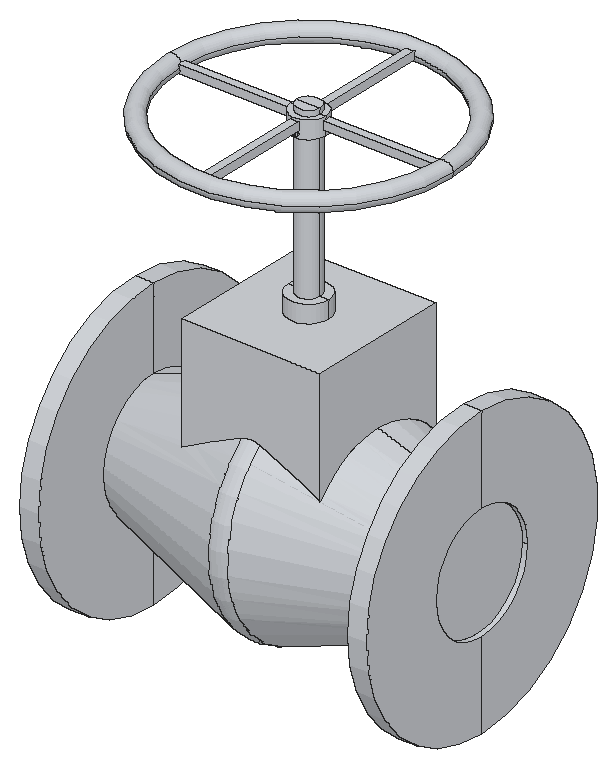
Revit family "Pipe_Accessories-Bellows_Stop_Valve-Spirax_Sarco-BSAT", category Pipe Accessories, Revit 2013
Parameters (values of type "BSA1T-KS 10-DN200")
  _distributed by = "www.bimstore.co.uk"
  _current revision = 1  # constant formula
  _created by = "Spirax Sarco"  # constant formula
  _bimspec_guid = 0
  Weight = "145"
  WarrantyStartDate [instance] = ""
  WarrantyGuarantorParts = ""
  WarrantyGuarantorLabour = ""
  WarrantyDurationUnit = ""
  WarrantyDurationParts = 0
  WarrantyDurationLabour = 0
  WarrantyDescription = ""
  Uniclass2 = "90-20-80/330"  # constant formula
  URL = "http://www.spiraxsarco.com/uk/"
  TypeName = Type Comments  # "BSA1T-KS 10-DN200"
  Type Comments = "BSA1T-KS 10-DN200"
  StemRadius = StemDia / 2  # 20.00 mm
  StemDia = 40.00 mm
  SteerRingRadius = SteerRingDia / 2  # 15.00 mm
  SteerRingDia = 30.00 mm
  SteerRingPosition = (C / 2) - (SteerRingDia / 2)  # 235.00 mm
  SpareParts = ""
  Size = Type Comments  # "BSA1T-KS 10-DN200"
  Shape = ""
  SerialNumber [instance] = ""
  RibWidth = 14.00 mm
  RibThickness = 14.00 mm
  ReplacementCost = 0
  ReferencedStandard = ""
  ProductionYear = ""
  Product Link = "http://www.spiraxsarco.com/uk/products-services/products/isolation-valves/bellows-sealed-stop-valves.asp?material=4&#ti"
  Product Documentation Link = "http://www.spiraxsarco.com/pdfs/TI/p137_18.pdf"
  ModelNumber = Model  # "BSA64T Stainless Steel Bellows Sealed Stop Valve"
  Material = "Stainless Steel"
  MatchingPipeRadius = MatchingPipeDiameter / 2  # 100.00 mm
  MatchingPipeDiameter = 200.00 mm
  Model = "BSA64T Stainless Steel Bellows Sealed Stop Valve"
  Manufacturer = "Spirax Sarco Ltd"  # constant formula
  LockingScrewVisibility [instance] = yes
  LockingScrewRadius = LockingScrewDia / 2  # 3.00 mm
  LockingScrewPosition = 32.00 mm
  LockingScrewDia = 6.00 mm
  InstallationDate [instance] = ""
  Grade = ""
  FlangeThickness = 32.00 mm
  FlangeDiameter = 500.00 mm
  Finish = ""
  Features = ""
  ExpectedLife = 0
  DurationUnit = "Years"  # constant formula
  DocumentationTechnical = "http://www.spiraxsarco.com/pdfs/TI/p137_18.pdf"
  DocumentationLiterature = ""
  DocumentationInstallationGuide = "http://www.spiraxsarco.com/pdfs/IM/p184_03.pdf"
  DocumentationCertificates = ""
  Description = "Bellows sealed, in-line stop valves having flanged PN16, PN25 and PN40 connections for use on steam, gas, liquid, condensate and water systems."  # constant formula
  CreatedOn = "Sept 2014"  # constant formula
  CreatedBy = "UKEnquiries@SpiraxSarco.com"  # constant formula
  Consitituents = ""
  Color = ""
  CodePerformance = ""
  ClassificationValue = "L7136"  # constant formula
  ClassificationName = "Uniclass1.4"  # constant formula
  CenterBallProfile_4 = 19.00°
  CenterBallProfile_3 = 50.00 mm  # constant formula
  CenterBallProfile_2 = 0.32 * FlangeDiameter  # 160.00 mm
  CenterBallProfile_1 = 0.22 * FlangeDiameter  # 110.00 mm
  C = 500.00 mm
  BonnetWidth = A / 2.5  # 240.00 mm
  BonnetHeight = FlangeDiameter * 0.6  # 300.00 mm
  BonnetDepth = FlangeDiameter / 2  # 250.00 mm
  BarCode = ""
  B = 622.00 mm
  AssetType = "Fixed"  # constant formula
  AssetIdentifier = ""
  Assembly Code = ""
  AccessibilityPerformance = ""
  A = 600.00 mm
Types (12, lengths in mm): name | Weight | TypeName | Type Comments | StemRadius | StemDia | SteerRingRadius | SteerRingDia | SteerRingPosition | Size | RibWidth | RibThickness | MatchingPipeRadius | MatchingPipeDiameter | LockingScrewRadius | LockingScrewDia | FlangeThickness | FlangeDiameter | CenterBallProfile_2 | CenterBallProfile_1 | C | BonnetWidth | BonnetHeight | BonnetDepth | B | A
  BSA1T-KS 10-DN200 | "145" | "BSA1T-KS 10-DN200" | "BSA1T-KS 10-DN200" | 20.00 | 40.00 | 15.00 | 30.00 | 235.00 | "BSA1T-KS 10-DN200" | 14.00 | 14.00 | 100.00 | 200.00 | 3.00 | 6.00 | 32.00 | 500.00 | 160.00 | 110.00 | 500.00 | 240.00 | 300.00 | 250.00 | 622.00 | 600.00
  BSA1T-KS 10-DN150 | "75" | "BSA1T-KS 10-DN150" | "BSA1T-KS 10-DN150" | 20.00 | 40.00 | 15.00 | 30.00 | 142.50 | "BSA1T-KS 10-DN150" | 14.00 | 14.00 | 75.00 | 150.00 | 3.00 | 6.00 | 31.00 | 315.00 | 100.80 | 69.30 | 315.00 | 192.00 | 189.00 | 157.50 | 450.00 | 480.00
  BSA1T-KS 10-DN125 | "52" | "BSA1T-KS 10-DN125" | "BSA1T-KS 10-DN125" | 20.00 | 40.00 | 15.00 | 30.00 | 142.50 | "BSA1T-KS 10-DN125" | 14.00 | 14.00 | 62.50 | 125.00 | 3.00 | 6.00 | 30.00 | 315.00 | 100.80 | 69.30 | 315.00 | 160.00 | 189.00 | 157.50 | 416.00 | 400.00
  BSA1T-KS 10-DN100 | "36" | "BSA1T-KS 10-DN100" | "BSA1T-KS 10-DN100" | 20.00 | 40.00 | 15.00 | 30.00 | 142.50 | "BSA1T-KS 10-DN100" | 14.00 | 14.00 | 50.00 | 100.00 | 3.00 | 6.00 | 29.00 | 315.00 | 100.80 | 69.30 | 315.00 | 140.00 | 189.00 | 157.50 | 383.00 | 350.00
  BSA1T-KS 10-DN80 | "21" | "BSA1T-KS 10-DN80" | "BSA1T-KS 10-DN80" | 20.00 | 40.00 | 12.50 | 25.00 | 87.50 | "BSA1T-KS 10-DN80" | 14.00 | 14.00 | 40.00 | 80.00 | 3.00 | 6.00 | 28.00 | 200.00 | 64.00 | 44.00 | 200.00 | 124.00 | 120.00 | 100.00 | 287.00 | 310.00
  BSA1T-KS 10-DN65 | "16" | "BSA1T-KS 10-DN65" | "BSA1T-KS 10-DN65" | 15.00 | 30.00 | 12.50 | 25.00 | 87.50 | "BSA1T-KS 10-DN65" | 10.00 | 10.00 | 32.50 | 65.00 | 3.00 | 6.00 | 27.00 | 200.00 | 64.00 | 44.00 | 200.00 | 116.00 | 120.00 | 100.00 | 263.00 | 290.00
  BSA1T-KS 10-DN50 | "12" | "BSA1T-KS 10-DN50" | "BSA1T-KS 10-DN50" | 15.00 | 30.00 | 12.50 | 25.00 | 87.50 | "BSA1T-KS 10-DN50" | 10.00 | 10.00 | 25.00 | 50.00 | 3.00 | 6.00 | 26.00 | 200.00 | 64.00 | 44.00 | 200.00 | 92.00 | 120.00 | 100.00 | 243.00 | 230.00
  BSA1T-KS 10-DN40 | "10" | "BSA1T-KS 10-DN40" | "BSA1T-KS 10-DN40" | 15.00 | 30.00 | 12.50 | 25.00 | 87.50 | "BSA1T-KS 10-DN40" | 10.00 | 10.00 | 20.00 | 40.00 | 2.50 | 5.00 | 25.00 | 200.00 | 64.00 | 44.00 | 200.00 | 80.00 | 120.00 | 100.00 | 243.00 | 200.00
  BSA1T-KS 10-DN32 | "7" | "BSA1T-KS 10-DN32" | "BSA1T-KS 10-DN32" | 15.00 | 30.00 | 12.50 | 25.00 | 50.00 | "BSA1T-KS 10-DN32" | 10.00 | 10.00 | 16.00 | 32.00 | 2.50 | 5.00 | 24.00 | 125.00 | 40.00 | 27.50 | 125.00 | 72.00 | 75.00 | 62.50 | 217.00 | 180.00
  BSA1T-KS 10-DN25 | "5" | "BSA1T-KS 10-DN25" | "BSA1T-KS 10-DN25" | 10.00 | 20.00 | 9.00 | 18.00 | 53.50 | "BSA1T-KS 10-DN25" | 8.00 | 6.00 | 12.50 | 25.00 | 2.50 | 5.00 | 22.00 | 125.00 | 40.00 | 27.50 | 125.00 | 64.00 | 75.00 | 62.50 | 217.00 | 160.00
  BSA1T-KS 10-DN20 | "4" | "BSA1T-KS 10-DN20" | "BSA1T-KS 10-DN20" | 10.00 | 20.00 | 9.00 | 18.00 | 53.50 | "BSA1T-KS 10-DN20" | 8.00 | 6.00 | 10.00 | 20.00 | 2.50 | 5.00 | 20.00 | 125.00 | 40.00 | 27.50 | 125.00 | 60.00 | 75.00 | 62.50 | 205.00 | 150.00
  BSA1T-KS 10-DN15 | "4" | "BSA1T-KS 10-DN15" | "BSA1T-KS 10-DN15" | 10.00 | 20.00 | 9.00 | 18.00 | 53.50 | "BSA1T-KS 10-DN15" | 8.00 | 6.00 | 7.50 | 15.00 | 2.50 | 5.00 | 19.50 | 125.00 | 40.00 | 27.50 | 125.00 | 52.00 | 75.00 | 62.50 | 205.00 | 130.00
Reference planes
  plane 1 "Center (Front/Back)": y = 0
  plane 2: z = 0
  plane 3 "Center (Left/Right)": x = 0
  plane 4 "ValveLengthLeft": x = -300
  plane 5 "ValveLengthRight": x = 300
  plane 6 "FlangeWidthTop": z = 250
  plane 7 "FlangeWidthBottom": z = -250
  plane 8 "FlangeThicknessRight": x = 268
  plane 9 "FlangeThicknessLeft": x = -268
  plane 10 "ReferenceCentralAxis": z = 0
  plane 11: z = 622
  plane 12 "BonnetLeft": x = -120
  plane 13 "BonnetTop": y = 125
  plane 14 "BonnetRight": x = 120
  plane 15 "BonneBottom": y = -125
  plane 16: z = 300
  plane 17 "StemDia": x = 20
  plane 18 "HandWheelVerOrigin": x = 235
  plane 19 "HandWheelHorOrigin": z = 602
  plane 20 "RibWidth_1": y = 7
  plane 21 "RibWidth_2": y = -7
  plane 22: x = -235
  plane 23: z = 590
  plane 24: y = -30
  plane 25 "HandWheelVerOrigin_1": y = -235
  plane 26 "HandWheelVerOrigin_2": y = 235
  plane 27: x = -7
  plane 28: x = 7
  plane 29: x = 290
  plane 30: x = -290
Forms (mm)
  Revolve 1, solid, detail levels fine
    sketch origin (0, 0, 0) x (1, 0, 0) y (0, 0, 1)
      loop
        line (-300, 250) -> (-300, 0) -> (300, 0) -> (300, 250) -> (268, 250) -> (268, 110) -> (16.278, 196.675)
        arc (16.278, 196.675) -> (0, 199.399) -> (-16.278, 196.675) r 50
        line (-16.278, 196.675) -> (-268, 110) -> (-268, 250) -> (-300, 250)
      axis (-300, 0) -> (300, 0)
    angle from 0 to 360
  Extrusion 2, solid, detail levels fine
    sketch origin (0, 0, 0) x (1, 0, 0) y (0, 1, 0)
      loop
        line (-120, 125) -> (-120, -125) -> (120, -125) -> (120, 125) -> (-120, 125)
    from 0 to 300
  Revolve 3, solid, detail levels fine
    sketch origin (0, 0, 0) x (1, 0, 0) y (0, 0, 1)
      loop
        line (0, 622) -> (0, 300) -> (35, 300) -> (35, 330) -> (20, 330) -> (20, 583) -> (30, 583) -> (30, 613) -> (20, 613) -> (20, 622) -> (0, 622)
      axis (0, 622) -> (0, 300)
    angle from 0 to 360
  Revolve 4, solid, detail levels fine
    sketch origin (0, 0, 0) x (1, 0, 0) y (0, 0, 1)
      loop
        circle (235, 602) r 15
      axis (0, 602) -> (0, 601)
    angle from 0 to 360
  Extrusion 5, solid, visible <- "LockingScrewVisibility", detail levels fine
    sketch origin (0, 0, 0) x (1, 0, 0) y (0, 0, 1)
      loop
        circle (0, 590) r 6
    from 0 to 30
  Extrusion 6, solid, detail levels fine
    sketch origin (0, 0, 0) x (1, 0, 0) y (0, 0, 1)
      loop
        line (235, 609) -> (-235, 609) -> (-235, 595) -> (235, 595) -> (235, 609)
    from -7 to 7
  Extrusion 7, solid, detail levels fine
    sketch origin (0, 0, 0) x (0, 1, 0) y (0, 0, 1)
      loop
        line (235, 609) -> (-235, 609) -> (-235, 595) -> (235, 595) -> (235, 609)
    from -7 to 7
  Extrusion 8, void
    sketch origin (0, 0, 0) x (0, 1, 0) y (0, 0, 1)
      loop
        circle (0, 0) r 100
    from 290 to 300
  Extrusion 9, void
    sketch origin (-205, 0, 0) x (0, 1, 0) y (0, 0, 1)
      loop
        circle (0, 0) r 100
    from -95 to -85
Cuts and joins
  Extrusion 8, Extrusion 9 cuts Revolve 1
  Extrusion 8, Extrusion 9 cuts Extrusion 2
  joined: Revolve 1, Extrusion 2
Dimensions and locks
  equal spacing: plane 5 "ValveLengthRight", plane 3 "Center (Left/Right)", plane 4 "ValveLengthLeft"
  equal spacing: plane 6 "FlangeWidthTop", plane 10 "ReferenceCentralAxis", plane 7 "FlangeWidthBottom"
  "A": plane 5 "ValveLengthRight" to plane 4 "ValveLengthLeft"
  equal spacing: plane 8 "FlangeThicknessRight", plane 3 "Center (Left/Right)", plane 9 "FlangeThicknessLeft"
  "FlangeThickness": plane 9 "FlangeThicknessLeft" to plane 4 "ValveLengthLeft"
  "FlangeDiameter": plane 6 "FlangeWidthTop" to plane 7 "FlangeWidthBottom"
  "CenterBallProfile_1": Revolve 1 sketch curve to Revolve 1 sketch curve
  "CenterBallProfile_1": Revolve 1 sketch curve to plane 10 "ReferenceCentralAxis"
  locked: Revolve 1 sketch curve to plane 3 "Center (Left/Right)"
  "B": plane 11 to plane 10 "ReferenceCentralAxis"
  equal spacing: plane 13 "BonnetTop", plane 1 "Center (Front/Back)", plane 15 "BonneBottom"
  equal spacing: plane 12 "BonnetLeft", plane 3 "Center (Left/Right)", plane 14 "BonnetRight"
  "BonnetWidth": plane 12 "BonnetLeft" to plane 14 "BonnetRight"
  "BonnetDepth": plane 13 "BonnetTop" to plane 15 "BonneBottom"
  "BonnetHeight": plane 16 to plane 10 "ReferenceCentralAxis"
  locked: Revolve 3 sketch curve to plane 17 "StemDia" at 15
  locked: Revolve 3 sketch curve to plane 16 at 30
  "StemRadius": plane 17 "StemDia" to plane 3 "Center (Left/Right)"
  plane 11 to plane 19 "HandWheelHorOrigin" = 20.00 mm
  locked: Revolve 4 sketch curve to plane 18 "HandWheelVerOrigin" at 0
  locked: Revolve 4 sketch curve to plane 19 "HandWheelHorOrigin" at 0
  "SteerRingPosition": plane 18 "HandWheelVerOrigin" to plane 3 "Center (Left/Right)"
  equal spacing: plane 20 "RibWidth_1", plane 1 "Center (Front/Back)", plane 21 "RibWidth_2"
  "RibWidth": plane 20 "RibWidth_1" to plane 21 "RibWidth_2"
  "SteerRingPosition": plane 3 "Center (Left/Right)" to plane 22
  locked: Revolve 3 sketch curve to Revolve 3 sketch curve at 30
  locked: plane 11 to Revolve 3 sketch curve at 9
  equal spacing: Revolve 1 sketch curve, plane 3 "Center (Left/Right)", Revolve 1 sketch curve
  locked: Extrusion 5 sketch curve to plane 3 "Center (Left/Right)" at 0
  "LockingScrewPosition": plane 11 to plane 23
  locked: plane 23 to Extrusion 5 sketch curve
  locked: plane 24 to plane 1 "Center (Front/Back)" at 30
  equal spacing: Extrusion 6 sketch curve, plane 19 "HandWheelHorOrigin", Extrusion 6 sketch curve
  "RibThickness": Extrusion 6 sketch curve to Extrusion 6 sketch curve
  "SteerRingPosition": plane 26 "HandWheelVerOrigin_2" to plane 1 "Center (Front/Back)"
  "SteerRingPosition": plane 1 "Center (Front/Back)" to plane 25 "HandWheelVerOrigin_1"
  equal spacing: Extrusion 7 sketch curve, plane 19 "HandWheelHorOrigin", Extrusion 7 sketch curve
  "RibThickness": Extrusion 7 sketch curve to Extrusion 7 sketch curve
  equal spacing: plane 27, plane 3 "Center (Left/Right)", plane 28
  "RibWidth": plane 27 to plane 28
  locked: plane 29 to plane 5 "ValveLengthRight" at 10
  locked: plane 4 "ValveLengthLeft" to plane 30 at 10
  plane 4 "ValveLengthLeft" to plane 5 "ValveLengthRight" = 600.00 mm
  "CenterBallProfile_3": radius of Revolve 1 sketch curve
  "SteerRingRadius": radius of Revolve 4 sketch curve
  "LockingScrewDia": radius of Extrusion 5 sketch curve
  "MatchingPipeRadius": radius of Extrusion 8 sketch curve
  "MatchingPipeRadius": radius of Extrusion 9 sketch curve
  "CenterBallProfile_4": angle plane 10 "ReferenceCentralAxis" to Revolve 1 sketch curve
  "CenterBallProfile_4": angle Revolve 1 sketch curve to plane 10 "ReferenceCentralAxis"
  aligned and locked: level to plane 2
  aligned and locked: plane 2 to plane 10 "ReferenceCentralAxis"
  aligned and locked: plane 4 "ValveLengthLeft" to Revolve 1 sketch curve
  aligned and locked: Revolve 1 sketch curve to plane 6 "FlangeWidthTop"  (x2)
  aligned and locked: Revolve 1 sketch curve to plane 5 "ValveLengthRight"
  aligned and locked: Revolve 1 sketch curve to plane 8 "FlangeThicknessRight"
  aligned and locked: Revolve 1 sketch curve to plane 9 "FlangeThicknessLeft"
  aligned and locked: plane 10 "ReferenceCentralAxis" to Revolve 1 sketch curve
  aligned and locked: Extrusion 2 sketch curve to plane 12 "BonnetLeft"
  aligned and locked: Extrusion 2 sketch curve to plane 13 "BonnetTop"
  aligned and locked: Extrusion 2 sketch curve to plane 15 "BonneBottom"
  aligned and locked: Extrusion 2 sketch curve to plane 14 "BonnetRight"
  aligned and locked: Extrusion 2 to plane 10 "ReferenceCentralAxis"
  aligned and locked: Extrusion 2 to plane 16
  aligned and locked: plane 16 to Revolve 3 sketch curve
  aligned and locked: Revolve 3 sketch curve to plane 11
  aligned and locked: plane 3 "Center (Left/Right)" to Revolve 3 sketch curve
  aligned and locked: Revolve 3 sketch curve to plane 3 "Center (Left/Right)"
  aligned and locked: Revolve 4 sketch curve to plane 3 "Center (Left/Right)"
  aligned and locked: Revolve 3 sketch curve to plane 17 "StemDia"
  aligned and locked: Extrusion 5 to plane 1 "Center (Front/Back)"
  aligned and locked: Extrusion 5 to plane 24
  aligned and locked: plane 18 "HandWheelVerOrigin" to Extrusion 6 sketch curve
  aligned and locked: Extrusion 6 sketch curve to plane 22
  aligned and locked: Extrusion 6 to plane 20 "RibWidth_1"
  aligned and locked: Extrusion 6 to plane 21 "RibWidth_2"
  aligned and locked: plane 26 "HandWheelVerOrigin_2" to Extrusion 7 sketch curve
  aligned and locked: Extrusion 7 sketch curve to plane 25 "HandWheelVerOrigin_1"
  aligned and locked: Extrusion 7 to plane 27
  aligned and locked: Extrusion 7 to plane 28
  aligned and locked: level to Extrusion 8 sketch curve
  aligned and locked: plane 1 "Center (Front/Back)" to Extrusion 8 sketch curve
  aligned and locked: plane 5 "ValveLengthRight" to Extrusion 8
  aligned and locked: cut or joined group of Revolve 1, Extrusion 2, Extrusion 8, Extrusion 9 to plane 29
  aligned and locked: Extrusion 9 to plane 4 "ValveLengthLeft"
  aligned and locked: plane 30 to Extrusion 9
  aligned and locked: level to Extrusion 9 sketch curve
  aligned and locked: plane 1 "Center (Front/Back)" to Extrusion 9 sketch curve
  aligned and locked: plane 3 "Center (Left/Right)" to nested 1
  aligned and locked: plane 1 "Center (Front/Back)" to nested 1
Automatic sketch dimensions
  Revolve 1 sketch curve to plane 27 = 9.278 mm
  Revolve 1 sketch curve to plane 4 "ValveLengthLeft" = 0.00 mm
  Revolve 1 sketch curve to plane 5 "ValveLengthRight" = 0.00 mm
  Revolve 3 sketch curve to plane 17 "StemDia" = 0.00 mm
  plane 17 "StemDia" to Revolve 3 sketch curve = 10.00 mm
  Revolve 3 sketch curve to Revolve 3 sketch curve = 40.00 mm
  Revolve 3 sketch curve to Revolve 3 sketch curve = 70.00 mm
  plane 11 to Revolve 4 sketch curve = 110.00 mm
  Revolve 4 sketch curve to Revolve 4 sketch curve = 40.00 mm
Nested families
  nested 1: "BSAT Valve Symbol" at (0, 0, 0), L mm <- "A", Connection Size <- "BonnetDepth", type "BSAT Valve Symbol", detail levels coarse+medium
    with Text Height 187.50 mm, L mm 600.00 mm, Connection Size 250.00 mm
Connectors
  piping at (-300, 0, 0), driven by "MatchingPipeRadius"
    settings: on Revolve 1, index 1, connector radius 100 mm, flow factor 0, pipe flow 0.0 L/s, pressure drop 0.0 Pa, fitting loss kfactor 0, connector angle 0.00°, fixture units 0, engagement length 0.00 mm, flow configuration 0, flow direction 1, fitting loss method 0, system type 22, joint type 0, gender type 0, connector reference index 2, connector utility 0, adjustable connector no, is connector primary yes, fitting loss table "", connector description ""
  piping at (300, 0, 0), driven by "MatchingPipeRadius"
    settings: on Revolve 1, index 2, connector radius 100 mm, flow factor 0, pipe flow 0.0 L/s, pressure drop 0.0 Pa, fitting loss kfactor 0, connector angle 0.00°, fixture units 0, engagement length 0.00 mm, flow configuration 0, flow direction 2, fitting loss method 0, system type 22, joint type 0, gender type 0, connector reference index 1, connector utility 0, adjustable connector no, is connector primary no, fitting loss table "", connector description ""
Definition of nested family "BSAT Valve Symbol"
  Parameters (values of type "BSAT Valve Symbol")
    Text Height [instance] = Connection Size * 0.75  # 6.00 mm
    L mm [instance] = 46.00 mm
    Connection Size [instance] = 8.00 mm
  Reference planes
    plane 1 "Center (Front/Back)": y = 0
    plane 2: z = 0
    plane 3 "Center (Left/Right)": x = 0
    plane 4: x = -23
    plane 5: x = 23
    plane 6: y = 4
    plane 7: y = -4
    plane 8: y = 6
    plane 9: x = -4
    plane 10: x = 4
    plane 11: y = -8
    plane 12: y = -14
    plane 13: x = 2
    plane 14: x = -2
  Lines and regions (mm)
    model lines
      curve 1: line (-23, -4, 0) -> (-23, 4, 0)
      curve 2: line (23, 4, 0) -> (23, -4, 0)
      curve 3: line (-23, 4, 0) -> (23, -4, 0)
      curve 4: line (23, 4, 0) -> (-23, -4, 0)
  Dimensions and locks
    "L mm": plane 4 to plane 5
    equal spacing: plane 4, plane 3 "Center (Left/Right)", plane 5
    "Connection Size": plane 7 to plane 6
    equal spacing: plane 7, plane 1 "Center (Front/Back)", plane 6
    "Text Height": plane 8 to plane 1 "Center (Front/Back)"
    "Connection Size": plane 11 to plane 1 "Center (Front/Back)"
    "Text Height": plane 11 to plane 12
    "Connection Size": plane 9 to plane 10
    equal spacing: plane 9, plane 14, plane 3 "Center (Left/Right)", plane 13, plane 10
    aligned and locked: level to plane 2
    aligned and locked: plane 7 to curve 2
    aligned and locked: plane 6 to curve 3
    aligned and locked: plane 4 to curve 3
    aligned and locked: plane 5 to curve 3
    aligned and locked: plane 4 to curve 4
    aligned and locked: plane 7 to curve 4
    aligned and locked: plane 6 to curve 4
    aligned and locked: plane 5 to curve 4
Types in the file's own list only (83): name | Weight | WarrantyDurationUnit | TypeName | Type Comments | StemRadius | StemDia | SteerRingRadius | SteerRingDia | SteerRingPosition | Size | RibWidth | RibThickness | ModelNumber | MatchingPipeRadius | MatchingPipeDiameter | Model | LockingScrewRadius | LockingScrewDia | FlangeThickness | FlangeDiameter | CenterBallProfile_2 | CenterBallProfile_1 | C | BonnetWidth | BonnetHeight | BonnetDepth | B | Assembly Code | A
  BSA64T-PN40-DN100 | "36" | "Years" | "BSA64T-PN40-DN100" | "BSA64T-PN40-DN100" | 20.00 mm | 40.00 mm | 15.00 mm | 30.00 mm | 142.50 mm | "BSA64T-PN40-DN100" | 14.00 mm | 14.00 mm | "Stainless Steel Bellows Sealed Stop Valve" | 50.00 mm | 100.00 mm | "Stainless Steel Bellows Sealed Stop Valve" | 3.00 mm | 6.00 mm | 29.00 mm | 315.00 mm | 100.80 mm | 69.30 mm | 315.00 mm | 140.00 mm | 189.00 mm | 157.50 mm | 383.00 mm | "D30" | 350.00 mm
  BSA64T-PN40-DN80 | "21" | "Years" | "BSA64T-PN40-DN80" | "BSA64T-PN40-DN80" | 20.00 mm | 40.00 mm | 12.50 mm | 25.00 mm | 87.50 mm | "BSA64T-PN40-DN80" | 14.00 mm | 14.00 mm | "Stainless Steel Bellows Sealed Stop Valve" | 40.00 mm | 80.00 mm | "Stainless Steel Bellows Sealed Stop Valve" | 3.00 mm | 6.00 mm | 28.00 mm | 200.00 mm | 64.00 mm | 44.00 mm | 200.00 mm | 124.00 mm | 120.00 mm | 100.00 mm | 287.00 mm | "D30" | 310.00 mm
  BSA64T-PN40-DN65 | "16" | "Years" | "BSA64T-PN40-DN65" | "BSA64T-PN40-DN65" | 15.00 mm | 30.00 mm | 12.50 mm | 25.00 mm | 87.50 mm | "BSA64T-PN40-DN65" | 10.00 mm | 10.00 mm | "Stainless Steel Bellows Sealed Stop Valve" | 32.50 mm | 65.00 mm | "Stainless Steel Bellows Sealed Stop Valve" | 3.00 mm | 6.00 mm | 27.00 mm | 200.00 mm | 64.00 mm | 44.00 mm | 200.00 mm | 116.00 mm | 120.00 mm | 100.00 mm | 263.00 mm | "D30" | 290.00 mm
  BSA64T-PN40-DN50 | "12" | "Years" | "BSA64T-PN40-DN50" | "BSA64T-PN40-DN50" | 15.00 mm | 30.00 mm | 12.50 mm | 25.00 mm | 87.50 mm | "BSA64T-PN40-DN50" | 10.00 mm | 10.00 mm | "Stainless Steel Bellows Sealed Stop Valve" | 25.00 mm | 50.00 mm | "Stainless Steel Bellows Sealed Stop Valve" | 3.00 mm | 6.00 mm | 26.00 mm | 200.00 mm | 64.00 mm | 44.00 mm | 200.00 mm | 92.00 mm | 120.00 mm | 100.00 mm | 243.00 mm | "D30" | 230.00 mm
  BSA64T-PN40-DN40 | "10" | "Years" | "BSA64T-PN40-DN40" | "BSA64T-PN40-DN40" | 15.00 mm | 30.00 mm | 12.50 mm | 25.00 mm | 87.50 mm | "BSA64T-PN40-DN40" | 10.00 mm | 10.00 mm | "Stainless Steel Bellows Sealed Stop Valve" | 20.00 mm | 40.00 mm | "Stainless Steel Bellows Sealed Stop Valve" | 2.50 mm | 5.00 mm | 25.00 mm | 200.00 mm | 64.00 mm | 44.00 mm | 200.00 mm | 80.00 mm | 120.00 mm | 100.00 mm | 243.00 mm | "D30" | 200.00 mm
  BSA64T-PN40-DN32 | "7" | "Years" | "BSA64T-PN40-DN32" | "BSA64T-PN40-DN32" | 15.00 mm | 30.00 mm | 12.50 mm | 25.00 mm | 50.00 mm | "BSA64T-PN40-DN32" | 10.00 mm | 10.00 mm | "Stainless Steel Bellows Sealed Stop Valve" | 16.00 mm | 32.00 mm | "Stainless Steel Bellows Sealed Stop Valve" | 2.50 mm | 5.00 mm | 24.00 mm | 125.00 mm | 40.00 mm | 27.50 mm | 125.00 mm | 72.00 mm | 75.00 mm | 62.50 mm | 217.00 mm | "D30" | 180.00 mm
  BSA64T-PN40-DN25 | "5" | "Years" | "BSA64T-PN40-DN25" | "BSA64T-PN40-DN25" | 10.00 mm | 20.00 mm | 9.00 mm | 18.00 mm | 53.50 mm | "BSA64T-PN40-DN25" | 8.00 mm | 6.00 mm | "Stainless Steel Bellows Sealed Stop Valve" | 12.50 mm | 25.00 mm | "Stainless Steel Bellows Sealed Stop Valve" | 2.50 mm | 5.00 mm | 22.00 mm | 125.00 mm | 40.00 mm | 27.50 mm | 125.00 mm | 64.00 mm | 75.00 mm | 62.50 mm | 217.00 mm | "D30" | 160.00 mm
  BSA64T-PN40-DN20 | "4" | "Years" | "BSA64T-PN40-DN20" | "BSA64T-PN40-DN20" | 10.00 mm | 20.00 mm | 9.00 mm | 18.00 mm | 53.50 mm | "BSA64T-PN40-DN20" | 8.00 mm | 6.00 mm | "Stainless Steel Bellows Sealed Stop Valve" | 10.00 mm | 20.00 mm | "Stainless Steel Bellows Sealed Stop Valve" | 2.50 mm | 5.00 mm | 20.00 mm | 125.00 mm | 40.00 mm | 27.50 mm | 125.00 mm | 60.00 mm | 75.00 mm | 62.50 mm | 205.00 mm | "D30" | 150.00 mm
  BSA64T-PN40-DN15 | "4" | "Years" | "BSA64T-PN40-DN15" | "BSA64T-PN40-DN15" | 10.00 mm | 20.00 mm | 9.00 mm | 18.00 mm | 53.50 mm | "BSA64T-PN40-DN15" | 8.00 mm | 6.00 mm | "Stainless Steel Bellows Sealed Stop Valve" | 7.50 mm | 15.00 mm | "Stainless Steel Bellows Sealed Stop Valve" | 2.50 mm | 5.00 mm | 19.50 mm | 125.00 mm | 40.00 mm | 27.50 mm | 125.00 mm | 52.00 mm | 75.00 mm | 62.50 mm | 205.00 mm | "D30" | 130.00 mm
  BSA6T-PN40-DN100 | "36" | "Years" | "BSA6T-PN40-DN100" | "BSA6T-PN40-DN100" | 20.00 mm | 40.00 mm | 15.00 mm | 30.00 mm | 142.50 mm | "BSA6T-PN40-DN100" | 14.00 mm | 14.00 mm | "Stainless Steel Bellows Sealed Stop Valve" | 50.00 mm | 100.00 mm | "Stainless Steel Bellows Sealed Stop Valve" | 3.00 mm | 6.00 mm | 29.00 mm | 315.00 mm | 100.80 mm | 69.30 mm | 315.00 mm | 140.00 mm | 189.00 mm | 157.50 mm | 383.00 mm | "D30" | 350.00 mm
  BSA6T-PN40-DN80 | "21" | "Years" | "BSA6T-PN40-DN80" | "BSA6T-PN40-DN80" | 20.00 mm | 40.00 mm | 12.50 mm | 25.00 mm | 87.50 mm | "BSA6T-PN40-DN80" | 14.00 mm | 14.00 mm | "Stainless Steel Bellows Sealed Stop Valve" | 40.00 mm | 80.00 mm | "Stainless Steel Bellows Sealed Stop Valve" | 3.00 mm | 6.00 mm | 28.00 mm | 200.00 mm | 64.00 mm | 44.00 mm | 200.00 mm | 124.00 mm | 120.00 mm | 100.00 mm | 287.00 mm | "D30" | 310.00 mm
  BSA6T-PN40-DN65 | "16" | "Years" | "BSA6T-PN40-DN65" | "BSA6T-PN40-DN65" | 15.00 mm | 30.00 mm | 12.50 mm | 25.00 mm | 87.50 mm | "BSA6T-PN40-DN65" | 10.00 mm | 10.00 mm | "Stainless Steel Bellows Sealed Stop Valve" | 32.50 mm | 65.00 mm | "Stainless Steel Bellows Sealed Stop Valve" | 3.00 mm | 6.00 mm | 27.00 mm | 200.00 mm | 64.00 mm | 44.00 mm | 200.00 mm | 116.00 mm | 120.00 mm | 100.00 mm | 263.00 mm | "D30" | 290.00 mm
  BSA6T-PN40-DN50 | "12" | "Years" | "BSA6T-PN40-DN50" | "BSA6T-PN40-DN50" | 15.00 mm | 30.00 mm | 12.50 mm | 25.00 mm | 87.50 mm | "BSA6T-PN40-DN50" | 10.00 mm | 10.00 mm | "Stainless Steel Bellows Sealed Stop Valve" | 25.00 mm | 50.00 mm | "Stainless Steel Bellows Sealed Stop Valve" | 3.00 mm | 6.00 mm | 26.00 mm | 200.00 mm | 64.00 mm | 44.00 mm | 200.00 mm | 92.00 mm | 120.00 mm | 100.00 mm | 243.00 mm | "D30" | 230.00 mm
  BSA6T-PN40-DN40 | "10" | "Years" | "BSA6T-PN40-DN40" | "BSA6T-PN40-DN40" | 15.00 mm | 30.00 mm | 12.50 mm | 25.00 mm | 87.50 mm | "BSA6T-PN40-DN40" | 10.00 mm | 10.00 mm | "Stainless Steel Bellows Sealed Stop Valve" | 20.00 mm | 40.00 mm | "Stainless Steel Bellows Sealed Stop Valve" | 2.50 mm | 5.00 mm | 25.00 mm | 200.00 mm | 64.00 mm | 44.00 mm | 200.00 mm | 80.00 mm | 120.00 mm | 100.00 mm | 243.00 mm | "D30" | 200.00 mm
  BSA6T-PN40-DN32 | "7" | "Years" | "BSA6T-PN40-DN32" | "BSA6T-PN40-DN32" | 15.00 mm | 30.00 mm | 12.50 mm | 25.00 mm | 50.00 mm | "BSA6T-PN40-DN32" | 10.00 mm | 10.00 mm | "Stainless Steel Bellows Sealed Stop Valve" | 16.00 mm | 32.00 mm | "Stainless Steel Bellows Sealed Stop Valve" | 2.50 mm | 5.00 mm | 24.00 mm | 125.00 mm | 40.00 mm | 27.50 mm | 125.00 mm | 72.00 mm | 75.00 mm | 62.50 mm | 217.00 mm | "D30" | 180.00 mm
  BSA6T-PN40-DN25 | "5" | "Years" | "BSA6T-PN40-DN25" | "BSA6T-PN40-DN25" | 10.00 mm | 20.00 mm | 9.00 mm | 18.00 mm | 53.50 mm | "BSA6T-PN40-DN25" | 8.00 mm | 6.00 mm | "Stainless Steel Bellows Sealed Stop Valve" | 12.50 mm | 25.00 mm | "Stainless Steel Bellows Sealed Stop Valve" | 2.50 mm | 5.00 mm | 22.00 mm | 125.00 mm | 40.00 mm | 27.50 mm | 125.00 mm | 64.00 mm | 75.00 mm | 62.50 mm | 217.00 mm | "D30" | 160.00 mm
  BSA6T-PN40-DN20 | "4" | "Years" | "BSA6T-PN40-DN20" | "BSA6T-PN40-DN20" | 10.00 mm | 20.00 mm | 9.00 mm | 18.00 mm | 53.50 mm | "BSA6T-PN40-DN20" | 8.00 mm | 6.00 mm | "Stainless Steel Bellows Sealed Stop Valve" | 10.00 mm | 20.00 mm | "Stainless Steel Bellows Sealed Stop Valve" | 2.50 mm | 5.00 mm | 20.00 mm | 125.00 mm | 40.00 mm | 27.50 mm | 125.00 mm | 60.00 mm | 75.00 mm | 62.50 mm | 205.00 mm | "D30" | 150.00 mm
  BSA6T-PN40-DN15 | "4" | "Years" | "BSA6T-PN40-DN15" | "BSA6T-PN40-DN15" | 10.00 mm | 20.00 mm | 9.00 mm | 18.00 mm | 53.50 mm | "BSA6T-PN40-DN15" | 8.00 mm | 6.00 mm | "Stainless Steel Bellows Sealed Stop Valve" | 7.50 mm | 15.00 mm | "Stainless Steel Bellows Sealed Stop Valve" | 2.50 mm | 5.00 mm | 19.50 mm | 125.00 mm | 40.00 mm | 27.50 mm | 125.00 mm | 52.00 mm | 75.00 mm | 62.50 mm | 205.00 mm | "D30" | 130.00 mm
  BSA3T-KS 20-DN200 | "145" | "Years" | "BSA3T-KS 20-DN200" | "BSA3T-KS 20-DN200" | 20.00 mm | 40.00 mm | 15.00 mm | 30.00 mm | 235.00 mm | "BSA3T-KS 20-DN200" | 14.00 mm | 14.00 mm | "Stainless Steel Bellows Sealed Stop Valve" | 100.00 mm | 200.00 mm | "Stainless Steel Bellows Sealed Stop Valve" | 3.00 mm | 6.00 mm | 32.00 mm | 500.00 mm | 160.00 mm | 110.00 mm | 500.00 mm | 240.00 mm | 300.00 mm | 250.00 mm | 622.00 mm | "D30" | 600.00 mm
  BSA3T-KS 20-DN150 | "75" | "Years" | "BSA3T-KS 20-DN150" | "BSA3T-KS 20-DN150" | 20.00 mm | 40.00 mm | 15.00 mm | 30.00 mm | 142.50 mm | "BSA3T-KS 20-DN150" | 14.00 mm | 14.00 mm | "Stainless Steel Bellows Sealed Stop Valve" | 75.00 mm | 150.00 mm | "Stainless Steel Bellows Sealed Stop Valve" | 3.00 mm | 6.00 mm | 31.00 mm | 315.00 mm | 100.80 mm | 69.30 mm | 315.00 mm | 192.00 mm | 189.00 mm | 157.50 mm | 450.00 mm | "D30" | 480.00 mm
  BSA3T-KS 20-DN100 | "36" | "Years" | "BSA3T-KS 20-DN100" | "BSA3T-KS 20-DN100" | 20.00 mm | 40.00 mm | 15.00 mm | 30.00 mm | 142.50 mm | "BSA3T-KS 20-DN100" | 14.00 mm | 14.00 mm | "Stainless Steel Bellows Sealed Stop Valve" | 50.00 mm | 100.00 mm | "Stainless Steel Bellows Sealed Stop Valve" | 3.00 mm | 6.00 mm | 29.00 mm | 315.00 mm | 100.80 mm | 69.30 mm | 315.00 mm | 140.00 mm | 189.00 mm | 157.50 mm | 383.00 mm | "D30" | 350.00 mm
  BSA3T-KS 20-DN80 | "21" | "Years" | "BSA3T-KS 20-DN80" | "BSA3T-KS 20-DN80" | 20.00 mm | 40.00 mm | 12.50 mm | 25.00 mm | 87.50 mm | "BSA3T-KS 20-DN80" | 14.00 mm | 14.00 mm | "Stainless Steel Bellows Sealed Stop Valve" | 40.00 mm | 80.00 mm | "Stainless Steel Bellows Sealed Stop Valve" | 3.00 mm | 6.00 mm | 28.00 mm | 200.00 mm | 64.00 mm | 44.00 mm | 200.00 mm | 124.00 mm | 120.00 mm | 100.00 mm | 287.00 mm | "D30" | 310.00 mm
  BSA3T-KS 20-DN50 | "12" | "Years" | "BSA3T-KS 20-DN50" | "BSA3T-KS 20-DN50" | 15.00 mm | 30.00 mm | 12.50 mm | 25.00 mm | 87.50 mm | "BSA3T-KS 20-DN50" | 10.00 mm | 10.00 mm | "Stainless Steel Bellows Sealed Stop Valve" | 25.00 mm | 50.00 mm | "Stainless Steel Bellows Sealed Stop Valve" | 3.00 mm | 6.00 mm | 26.00 mm | 200.00 mm | 64.00 mm | 44.00 mm | 200.00 mm | 92.00 mm | 120.00 mm | 100.00 mm | 243.00 mm | "D30" | 230.00 mm
  BSA3T-KS 20-DN40 | "10" | "Years" | "BSA3T-KS 20-DN40" | "BSA3T-KS 20-DN40" | 15.00 mm | 30.00 mm | 12.50 mm | 25.00 mm | 87.50 mm | "BSA3T-KS 20-DN40" | 10.00 mm | 10.00 mm | "Stainless Steel Bellows Sealed Stop Valve" | 20.00 mm | 40.00 mm | "Stainless Steel Bellows Sealed Stop Valve" | 2.50 mm | 5.00 mm | 25.00 mm | 200.00 mm | 64.00 mm | 44.00 mm | 200.00 mm | 80.00 mm | 120.00 mm | 100.00 mm | 243.00 mm | "D30" | 200.00 mm
  BSA3T-KS 20-DN25 | "5" | "Years" | "BSA3T-KS 20-DN25" | "BSA3T-KS 20-DN25" | 10.00 mm | 20.00 mm | 9.00 mm | 18.00 mm | 53.50 mm | "BSA3T-KS 20-DN25" | 8.00 mm | 6.00 mm | "Stainless Steel Bellows Sealed Stop Valve" | 12.50 mm | 25.00 mm | "Stainless Steel Bellows Sealed Stop Valve" | 2.50 mm | 5.00 mm | 22.00 mm | 125.00 mm | 40.00 mm | 27.50 mm | 125.00 mm | 64.00 mm | 75.00 mm | 62.50 mm | 217.00 mm | "D30" | 160.00 mm
  BSA3T-KS 20-DN20 | "4" | "Years" | "BSA3T-KS 20-DN20" | "BSA3T-KS 20-DN20" | 10.00 mm | 20.00 mm | 9.00 mm | 18.00 mm | 53.50 mm | "BSA3T-KS 20-DN20" | 8.00 mm | 6.00 mm | "Stainless Steel Bellows Sealed Stop Valve" | 10.00 mm | 20.00 mm | "Stainless Steel Bellows Sealed Stop Valve" | 2.50 mm | 5.00 mm | 20.00 mm | 125.00 mm | 40.00 mm | 27.50 mm | 125.00 mm | 60.00 mm | 75.00 mm | 62.50 mm | 205.00 mm | "D30" | 150.00 mm
  BSA3T-KS 20-DN15 | "4" | "Years" | "BSA3T-KS 20-DN15" | "BSA3T-KS 20-DN15" | 10.00 mm | 20.00 mm | 9.00 mm | 18.00 mm | 53.50 mm | "BSA3T-KS 20-DN15" | 8.00 mm | 6.00 mm | "Stainless Steel Bellows Sealed Stop Valve" | 7.50 mm | 15.00 mm | "Stainless Steel Bellows Sealed Stop Valve" | 2.50 mm | 5.00 mm | 19.50 mm | 125.00 mm | 40.00 mm | 27.50 mm | 125.00 mm | 52.00 mm | 75.00 mm | 62.50 mm | 205.00 mm | "D30" | 130.00 mm
  BSA3T-ASME 150-DN100 | "36" | "Years" | "BSA3T-ASME 150-DN100" | "BSA3T-ASME 150-DN100" | 20.00 mm | 40.00 mm | 15.00 mm | 30.00 mm | 142.50 mm | "BSA3T-ASME 150-DN100" | 14.00 mm | 14.00 mm | "Stainless Steel Bellows Sealed Stop Valve" | 50.00 mm | 100.00 mm | "Stainless Steel Bellows Sealed Stop Valve" | 3.00 mm | 6.00 mm | 29.00 mm | 315.00 mm | 100.80 mm | 69.30 mm | 315.00 mm | 140.00 mm | 189.00 mm | 157.50 mm | 383.00 mm | "D30" | 350.00 mm
  BSA3T-ASME 150-DN80 | "21" | "Years" | "BSA3T-ASME 150-DN80" | "BSA3T-ASME 150-DN80" | 20.00 mm | 40.00 mm | 12.50 mm | 25.00 mm | 87.50 mm | "BSA3T-ASME 150-DN80" | 14.00 mm | 14.00 mm | "Stainless Steel Bellows Sealed Stop Valve" | 40.00 mm | 80.00 mm | "Stainless Steel Bellows Sealed Stop Valve" | 3.00 mm | 6.00 mm | 28.00 mm | 200.00 mm | 64.00 mm | 44.00 mm | 200.00 mm | 124.00 mm | 120.00 mm | 100.00 mm | 287.00 mm | "D30" | 310.00 mm
  BSA3T-ASME 150-DN50 | "12" | "Years" | "BSA3T-ASME 150-DN50" | "BSA3T-ASME 150-DN50" | 15.00 mm | 30.00 mm | 12.50 mm | 25.00 mm | 87.50 mm | "BSA3T-ASME 150-DN50" | 10.00 mm | 10.00 mm | "Stainless Steel Bellows Sealed Stop Valve" | 25.00 mm | 50.00 mm | "Stainless Steel Bellows Sealed Stop Valve" | 3.00 mm | 6.00 mm | 26.00 mm | 200.00 mm | 64.00 mm | 44.00 mm | 200.00 mm | 92.00 mm | 120.00 mm | 100.00 mm | 243.00 mm | "D30" | 230.00 mm
  BSA3T-ASME 150-DN40 | "10" | "Years" | "BSA3T-ASME 150-DN40" | "BSA3T-ASME 150-DN40" | 15.00 mm | 30.00 mm | 12.50 mm | 25.00 mm | 87.50 mm | "BSA3T-ASME 150-DN40" | 10.00 mm | 10.00 mm | "Stainless Steel Bellows Sealed Stop Valve" | 20.00 mm | 40.00 mm | "Stainless Steel Bellows Sealed Stop Valve" | 2.50 mm | 5.00 mm | 25.00 mm | 200.00 mm | 64.00 mm | 44.00 mm | 200.00 mm | 80.00 mm | 120.00 mm | 100.00 mm | 243.00 mm | "D30" | 200.00 mm
  BSA3T-ASME 150-DN25 | "5" | "Years" | "BSA3T-ASME 150-DN25" | "BSA3T-ASME 150-DN25" | 10.00 mm | 20.00 mm | 9.00 mm | 18.00 mm | 53.50 mm | "BSA3T-ASME 150-DN25" | 8.00 mm | 6.00 mm | "Stainless Steel Bellows Sealed Stop Valve" | 12.50 mm | 25.00 mm | "Stainless Steel Bellows Sealed Stop Valve" | 2.50 mm | 5.00 mm | 22.00 mm | 125.00 mm | 40.00 mm | 27.50 mm | 125.00 mm | 64.00 mm | 75.00 mm | 62.50 mm | 217.00 mm | "D30" | 160.00 mm
  BSA3T-ASME 150-DN20 | "4" | "Years" | "BSA3T-ASME 150-DN20" | "BSA3T-ASME 150-DN20" | 10.00 mm | 20.00 mm | 9.00 mm | 18.00 mm | 53.50 mm | "BSA3T-ASME 150-DN20" | 8.00 mm | 6.00 mm | "Stainless Steel Bellows Sealed Stop Valve" | 10.00 mm | 20.00 mm | "Stainless Steel Bellows Sealed Stop Valve" | 2.50 mm | 5.00 mm | 20.00 mm | 125.00 mm | 40.00 mm | 27.50 mm | 125.00 mm | 60.00 mm | 75.00 mm | 62.50 mm | 205.00 mm | "D30" | 150.00 mm
  BSA3T-ASME 150-DN15 | "4" | "Years" | "BSA3T-ASME 150-DN15" | "BSA3T-ASME 150-DN15" | 10.00 mm | 20.00 mm | 9.00 mm | 18.00 mm | 53.50 mm | "BSA3T-ASME 150-DN15" | 8.00 mm | 6.00 mm | "Stainless Steel Bellows Sealed Stop Valve" | 7.50 mm | 15.00 mm | "Stainless Steel Bellows Sealed Stop Valve" | 2.50 mm | 5.00 mm | 19.50 mm | 125.00 mm | 40.00 mm | 27.50 mm | 125.00 mm | 52.00 mm | 75.00 mm | 62.50 mm | 205.00 mm | "D30" | 130.00 mm
  BSA3T-PN40-DN150 | "75" | "Years" | "BSA3T-PN40-DN150" | "BSA3T-PN40-DN150" | 20.00 mm | 40.00 mm | 15.00 mm | 30.00 mm | 142.50 mm | "BSA3T-PN40-DN150" | 14.00 mm | 14.00 mm | "Stainless Steel Bellows Sealed Stop Valve" | 75.00 mm | 150.00 mm | "Stainless Steel Bellows Sealed Stop Valve" | 3.00 mm | 6.00 mm | 31.00 mm | 315.00 mm | 100.80 mm | 69.30 mm | 315.00 mm | 192.00 mm | 189.00 mm | 157.50 mm | 450.00 mm | "D30" | 480.00 mm
  BSA3T-PN40-DN125 | "52" | "Years" | "BSA3T-PN40-DN125" | "BSA3T-PN40-DN125" | 20.00 mm | 40.00 mm | 15.00 mm | 30.00 mm | 142.50 mm | "BSA3T-PN40-DN125" | 14.00 mm | 14.00 mm | "Stainless Steel Bellows Sealed Stop Valve" | 62.50 mm | 125.00 mm | "Stainless Steel Bellows Sealed Stop Valve" | 3.00 mm | 6.00 mm | 30.00 mm | 315.00 mm | 100.80 mm | 69.30 mm | 315.00 mm | 160.00 mm | 189.00 mm | 157.50 mm | 416.00 mm | "D30" | 400.00 mm
  BSA3T-PN40-DN100 | "36" | "Years" | "BSA3T-PN40-DN100" | "BSA3T-PN40-DN100" | 20.00 mm | 40.00 mm | 15.00 mm | 30.00 mm | 142.50 mm | "BSA3T-PN40-DN100" | 14.00 mm | 14.00 mm | "Stainless Steel Bellows Sealed Stop Valve" | 50.00 mm | 100.00 mm | "Stainless Steel Bellows Sealed Stop Valve" | 3.00 mm | 6.00 mm | 29.00 mm | 315.00 mm | 100.80 mm | 69.30 mm | 315.00 mm | 140.00 mm | 189.00 mm | 157.50 mm | 383.00 mm | "D30" | 350.00 mm
  BSA3T-PN40-DN80 | "21" | "Years" | "BSA3T-PN40-DN80" | "BSA3T-PN40-DN80" | 20.00 mm | 40.00 mm | 12.50 mm | 25.00 mm | 87.50 mm | "BSA3T-PN40-DN80" | 14.00 mm | 14.00 mm | "Stainless Steel Bellows Sealed Stop Valve" | 40.00 mm | 80.00 mm | "Stainless Steel Bellows Sealed Stop Valve" | 3.00 mm | 6.00 mm | 28.00 mm | 200.00 mm | 64.00 mm | 44.00 mm | 200.00 mm | 124.00 mm | 120.00 mm | 100.00 mm | 287.00 mm | "D30" | 310.00 mm
  BSA3T-PN40-DN65 | "16" | "Years" | "BSA3T-PN40-DN65" | "BSA3T-PN40-DN65" | 15.00 mm | 30.00 mm | 12.50 mm | 25.00 mm | 87.50 mm | "BSA3T-PN40-DN65" | 10.00 mm | 10.00 mm | "Stainless Steel Bellows Sealed Stop Valve" | 32.50 mm | 65.00 mm | "Stainless Steel Bellows Sealed Stop Valve" | 3.00 mm | 6.00 mm | 27.00 mm | 200.00 mm | 64.00 mm | 44.00 mm | 200.00 mm | 116.00 mm | 120.00 mm | 100.00 mm | 263.00 mm | "D30" | 290.00 mm
  BSA3T-PN40-DN50 | "12" | "Years" | "BSA3T-PN40-DN50" | "BSA3T-PN40-DN50" | 15.00 mm | 30.00 mm | 12.50 mm | 25.00 mm | 87.50 mm | "BSA3T-PN40-DN50" | 10.00 mm | 10.00 mm | "Stainless Steel Bellows Sealed Stop Valve" | 25.00 mm | 50.00 mm | "Stainless Steel Bellows Sealed Stop Valve" | 3.00 mm | 6.00 mm | 26.00 mm | 200.00 mm | 64.00 mm | 44.00 mm | 200.00 mm | 92.00 mm | 120.00 mm | 100.00 mm | 243.00 mm | "D30" | 230.00 mm
  BSA3T-PN40-DN40 | "10" | "Years" | "BSA3T-PN40-DN40" | "BSA3T-PN40-DN40" | 15.00 mm | 30.00 mm | 12.50 mm | 25.00 mm | 87.50 mm | "BSA3T-PN40-DN40" | 10.00 mm | 10.00 mm | "Stainless Steel Bellows Sealed Stop Valve" | 20.00 mm | 40.00 mm | "Stainless Steel Bellows Sealed Stop Valve" | 2.50 mm | 5.00 mm | 25.00 mm | 200.00 mm | 64.00 mm | 44.00 mm | 200.00 mm | 80.00 mm | 120.00 mm | 100.00 mm | 243.00 mm | "D30" | 200.00 mm
  BSA3T-PN40-DN32 | "7" | "Years" | "BSA3T-PN40-DN32" | "BSA3T-PN40-DN32" | 15.00 mm | 30.00 mm | 12.50 mm | 25.00 mm | 50.00 mm | "BSA3T-PN40-DN32" | 10.00 mm | 10.00 mm | "Stainless Steel Bellows Sealed Stop Valve" | 16.00 mm | 32.00 mm | "Stainless Steel Bellows Sealed Stop Valve" | 2.50 mm | 5.00 mm | 24.00 mm | 125.00 mm | 40.00 mm | 27.50 mm | 125.00 mm | 72.00 mm | 75.00 mm | 62.50 mm | 217.00 mm | "D30" | 180.00 mm
  BSA3T-PN40-DN25 | "5" | "Years" | "BSA3T-PN40-DN25" | "BSA3T-PN40-DN25" | 10.00 mm | 20.00 mm | 9.00 mm | 18.00 mm | 53.50 mm | "BSA3T-PN40-DN25" | 8.00 mm | 6.00 mm | "Stainless Steel Bellows Sealed Stop Valve" | 12.50 mm | 25.00 mm | "Stainless Steel Bellows Sealed Stop Valve" | 2.50 mm | 5.00 mm | 22.00 mm | 125.00 mm | 40.00 mm | 27.50 mm | 125.00 mm | 64.00 mm | 75.00 mm | 62.50 mm | 217.00 mm | "D30" | 160.00 mm
  BSA3T-PN40-DN20 | "4" | "Years" | "BSA3T-PN40-DN20" | "BSA3T-PN40-DN20" | 10.00 mm | 20.00 mm | 9.00 mm | 18.00 mm | 53.50 mm | "BSA3T-PN40-DN20" | 8.00 mm | 6.00 mm | "Stainless Steel Bellows Sealed Stop Valve" | 10.00 mm | 20.00 mm | "Stainless Steel Bellows Sealed Stop Valve" | 2.50 mm | 5.00 mm | 20.00 mm | 125.00 mm | 40.00 mm | 27.50 mm | 125.00 mm | 60.00 mm | 75.00 mm | 62.50 mm | 205.00 mm | "D30" | 150.00 mm
  BSA3T-PN40-DN15 | "4" | "Years" | "BSA3T-PN40-DN15" | "BSA3T-PN40-DN15" | 10.00 mm | 20.00 mm | 9.00 mm | 18.00 mm | 53.50 mm | "BSA3T-PN40-DN15" | 8.00 mm | 6.00 mm | "Stainless Steel Bellows Sealed Stop Valve" | 7.50 mm | 15.00 mm | "Stainless Steel Bellows Sealed Stop Valve" | 2.50 mm | 5.00 mm | 19.50 mm | 125.00 mm | 40.00 mm | 27.50 mm | 125.00 mm | 52.00 mm | 75.00 mm | 62.50 mm | 205.00 mm | "D30" | 130.00 mm
  BSA3T-PN25-DN200 | "145" | "Years" | "BSA3T-PN25-DN200" | "BSA3T-PN25-DN200" | 20.00 mm | 40.00 mm | 15.00 mm | 30.00 mm | 235.00 mm | "BSA3T-PN25-DN200" | 14.00 mm | 14.00 mm | "Stainless Steel Bellows Sealed Stop Valve" | 100.00 mm | 200.00 mm | "Stainless Steel Bellows Sealed Stop Valve" | 3.00 mm | 6.00 mm | 32.00 mm | 500.00 mm | 160.00 mm | 110.00 mm | 500.00 mm | 240.00 mm | 300.00 mm | 250.00 mm | 622.00 mm | "D30" | 600.00 mm
  BSA2T-PN25-DN250 | "180" | "Years" | "BSA2T-PN25-DN250" | "BSA2T-PN25-DN250" | 20.00 mm | 40.00 mm | 15.00 mm | 30.00 mm | 235.00 mm | "BSA2T-PN25-DN250" | 14.00 mm | 14.00 mm | "Stainless Steel Bellows Sealed Stop Valve" | 125.00 mm | 250.00 mm | "Stainless Steel Bellows Sealed Stop Valve" | 3.00 mm | 6.00 mm | 33.00 mm | 500.00 mm | 160.00 mm | 110.00 mm | 500.00 mm | 292.00 mm | 300.00 mm | 250.00 mm | 763.00 mm | "D30" | 730.00 mm
  BSA2T-PN25-DN200 | "145" | "Years" | "BSA2T-PN25-DN200" | "BSA2T-PN25-DN200" | 20.00 mm | 40.00 mm | 15.00 mm | 30.00 mm | 235.00 mm | "BSA2T-PN25-DN200" | 14.00 mm | 14.00 mm | "Stainless Steel Bellows Sealed Stop Valve" | 100.00 mm | 200.00 mm | "Stainless Steel Bellows Sealed Stop Valve" | 3.00 mm | 6.00 mm | 32.00 mm | 500.00 mm | 160.00 mm | 110.00 mm | 500.00 mm | 240.00 mm | 300.00 mm | 250.00 mm | 622.00 mm | "D30" | 600.00 mm
  BSA2T-PN25-DN150 | "75" | "Years" | "BSA2T-PN25-DN150" | "BSA2T-PN25-DN150" | 20.00 mm | 40.00 mm | 15.00 mm | 30.00 mm | 142.50 mm | "BSA2T-PN25-DN150" | 14.00 mm | 14.00 mm | "Stainless Steel Bellows Sealed Stop Valve" | 75.00 mm | 150.00 mm | "Stainless Steel Bellows Sealed Stop Valve" | 3.00 mm | 6.00 mm | 31.00 mm | 315.00 mm | 100.80 mm | 69.30 mm | 315.00 mm | 192.00 mm | 189.00 mm | 157.50 mm | 450.00 mm | "D30" | 480.00 mm
  BSA2T-PN25-DN125 | "52" | "Years" | "BSA2T-PN25-DN125" | "BSA2T-PN25-DN125" | 20.00 mm | 40.00 mm | 15.00 mm | 30.00 mm | 142.50 mm | "BSA2T-PN25-DN125" | 14.00 mm | 14.00 mm | "Stainless Steel Bellows Sealed Stop Valve" | 62.50 mm | 125.00 mm | "Stainless Steel Bellows Sealed Stop Valve" | 3.00 mm | 6.00 mm | 30.00 mm | 315.00 mm | 100.80 mm | 69.30 mm | 315.00 mm | 160.00 mm | 189.00 mm | 157.50 mm | 416.00 mm | "D30" | 400.00 mm
  BSA2T-PN25-DN100 | "36" | "Years" | "BSA2T-PN25-DN100" | "BSA2T-PN25-DN100" | 20.00 mm | 40.00 mm | 15.00 mm | 30.00 mm | 142.50 mm | "BSA2T-PN25-DN100" | 14.00 mm | 14.00 mm | "Stainless Steel Bellows Sealed Stop Valve" | 50.00 mm | 100.00 mm | "Stainless Steel Bellows Sealed Stop Valve" | 3.00 mm | 6.00 mm | 29.00 mm | 315.00 mm | 100.80 mm | 69.30 mm | 315.00 mm | 140.00 mm | 189.00 mm | 157.50 mm | 383.00 mm | "D30" | 350.00 mm
  BSA2T-PN25-DN80 | "21" | "Years" | "BSA2T-PN25-DN80" | "BSA2T-PN25-DN80" | 20.00 mm | 40.00 mm | 12.50 mm | 25.00 mm | 87.50 mm | "BSA2T-PN25-DN80" | 14.00 mm | 14.00 mm | "Stainless Steel Bellows Sealed Stop Valve" | 40.00 mm | 80.00 mm | "Stainless Steel Bellows Sealed Stop Valve" | 3.00 mm | 6.00 mm | 28.00 mm | 200.00 mm | 64.00 mm | 44.00 mm | 200.00 mm | 124.00 mm | 120.00 mm | 100.00 mm | 287.00 mm | "D30" | 310.00 mm
  BSA2T-PN25-DN65 | "16" | "Years" | "BSA2T-PN25-DN65" | "BSA2T-PN25-DN65" | 15.00 mm | 30.00 mm | 12.50 mm | 25.00 mm | 87.50 mm | "BSA2T-PN25-DN65" | 10.00 mm | 10.00 mm | "Stainless Steel Bellows Sealed Stop Valve" | 32.50 mm | 65.00 mm | "Stainless Steel Bellows Sealed Stop Valve" | 3.00 mm | 6.00 mm | 27.00 mm | 200.00 mm | 64.00 mm | 44.00 mm | 200.00 mm | 116.00 mm | 120.00 mm | 100.00 mm | 263.00 mm | "D30" | 290.00 mm
  BSA2T-PN25-DN50 | "12" | "Years" | "BSA2T-PN25-DN50" | "BSA2T-PN25-DN50" | 15.00 mm | 30.00 mm | 12.50 mm | 25.00 mm | 87.50 mm | "BSA2T-PN25-DN50" | 10.00 mm | 10.00 mm | "Stainless Steel Bellows Sealed Stop Valve" | 25.00 mm | 50.00 mm | "Stainless Steel Bellows Sealed Stop Valve" | 3.00 mm | 6.00 mm | 26.00 mm | 200.00 mm | 64.00 mm | 44.00 mm | 200.00 mm | 92.00 mm | 120.00 mm | 100.00 mm | 243.00 mm | "D30" | 230.00 mm
  BSA2T-PN25-DN40 | "10" | "Years" | "BSA2T-PN25-DN40" | "BSA2T-PN25-DN40" | 15.00 mm | 30.00 mm | 12.50 mm | 25.00 mm | 87.50 mm | "BSA2T-PN25-DN40" | 10.00 mm | 10.00 mm | "Stainless Steel Bellows Sealed Stop Valve" | 20.00 mm | 40.00 mm | "Stainless Steel Bellows Sealed Stop Valve" | 2.50 mm | 5.00 mm | 25.00 mm | 200.00 mm | 64.00 mm | 44.00 mm | 200.00 mm | 80.00 mm | 120.00 mm | 100.00 mm | 243.00 mm | "D30" | 200.00 mm
  BSA2T-PN25-DN32 | "7" | "Years" | "BSA2T-PN25-DN32" | "BSA2T-PN25-DN32" | 15.00 mm | 30.00 mm | 12.50 mm | 25.00 mm | 50.00 mm | "BSA2T-PN25-DN32" | 10.00 mm | 10.00 mm | "Stainless Steel Bellows Sealed Stop Valve" | 16.00 mm | 32.00 mm | "Stainless Steel Bellows Sealed Stop Valve" | 2.50 mm | 5.00 mm | 24.00 mm | 125.00 mm | 40.00 mm | 27.50 mm | 125.00 mm | 72.00 mm | 75.00 mm | 62.50 mm | 217.00 mm | "D30" | 180.00 mm
  BSA2T-PN25-DN25 | "5" | "Years" | "BSA2T-PN25-DN25" | "BSA2T-PN25-DN25" | 10.00 mm | 20.00 mm | 9.00 mm | 18.00 mm | 53.50 mm | "BSA2T-PN25-DN25" | 8.00 mm | 6.00 mm | "Stainless Steel Bellows Sealed Stop Valve" | 12.50 mm | 25.00 mm | "Stainless Steel Bellows Sealed Stop Valve" | 2.50 mm | 5.00 mm | 22.00 mm | 125.00 mm | 40.00 mm | 27.50 mm | 125.00 mm | 64.00 mm | 75.00 mm | 62.50 mm | 217.00 mm | "D30" | 160.00 mm
  BSA2T-PN25-DN20 | "4" | "Years" | "BSA2T-PN25-DN20" | "BSA2T-PN25-DN20" | 10.00 mm | 20.00 mm | 9.00 mm | 18.00 mm | 53.50 mm | "BSA2T-PN25-DN20" | 8.00 mm | 6.00 mm | "Stainless Steel Bellows Sealed Stop Valve" | 10.00 mm | 20.00 mm | "Stainless Steel Bellows Sealed Stop Valve" | 2.50 mm | 5.00 mm | 20.00 mm | 125.00 mm | 40.00 mm | 27.50 mm | 125.00 mm | 60.00 mm | 75.00 mm | 62.50 mm | 205.00 mm | "D30" | 150.00 mm
  BSA2T-PN25-DN15 | "4" | "Years" | "BSA2T-PN25-DN15" | "BSA2T-PN25-DN15" | 10.00 mm | 20.00 mm | 9.00 mm | 18.00 mm | 53.50 mm | "BSA2T-PN25-DN15" | 8.00 mm | 6.00 mm | "Stainless Steel Bellows Sealed Stop Valve" | 7.50 mm | 15.00 mm | "Stainless Steel Bellows Sealed Stop Valve" | 2.50 mm | 5.00 mm | 19.50 mm | 125.00 mm | 40.00 mm | 27.50 mm | 125.00 mm | 52.00 mm | 75.00 mm | 62.50 mm | 205.00 mm | "D30" | 130.00 mm
  BSA2T-PN16-DN200 | "145" | "Years" | "BSA2T-PN16-DN200" | "BSA2T-PN16-DN200" | 20.00 mm | 40.00 mm | 15.00 mm | 30.00 mm | 235.00 mm | "BSA2T-PN16-DN200" | 14.00 mm | 14.00 mm | "Stainless Steel Bellows Sealed Stop Valve" | 100.00 mm | 200.00 mm | "Stainless Steel Bellows Sealed Stop Valve" | 3.00 mm | 6.00 mm | 32.00 mm | 500.00 mm | 160.00 mm | 110.00 mm | 500.00 mm | 240.00 mm | 300.00 mm | 250.00 mm | 622.00 mm | "D30" | 600.00 mm
  BSA2T-PN16-DN150 | "75" | "Years" | "BSA2T-PN16-DN150" | "BSA2T-PN16-DN150" | 20.00 mm | 40.00 mm | 15.00 mm | 30.00 mm | 142.50 mm | "BSA2T-PN16-DN150" | 14.00 mm | 14.00 mm | "Stainless Steel Bellows Sealed Stop Valve" | 75.00 mm | 150.00 mm | "Stainless Steel Bellows Sealed Stop Valve" | 3.00 mm | 6.00 mm | 31.00 mm | 315.00 mm | 100.80 mm | 69.30 mm | 315.00 mm | 192.00 mm | 189.00 mm | 157.50 mm | 450.00 mm | "D30" | 480.00 mm
  BSA2T-PN16-DN125 | "52" | "Years" | "BSA2T-PN16-DN125" | "BSA2T-PN16-DN125" | 20.00 mm | 40.00 mm | 15.00 mm | 30.00 mm | 142.50 mm | "BSA2T-PN16-DN125" | 14.00 mm | 14.00 mm | "Stainless Steel Bellows Sealed Stop Valve" | 62.50 mm | 125.00 mm | "Stainless Steel Bellows Sealed Stop Valve" | 3.00 mm | 6.00 mm | 30.00 mm | 315.00 mm | 100.80 mm | 69.30 mm | 315.00 mm | 160.00 mm | 189.00 mm | 157.50 mm | 416.00 mm | "D30" | 400.00 mm
  BSA2T-PN16-DN100 | "36" | "Years" | "BSA2T-PN16-DN100" | "BSA2T-PN16-DN100" | 20.00 mm | 40.00 mm | 15.00 mm | 30.00 mm | 142.50 mm | "BSA2T-PN16-DN100" | 14.00 mm | 14.00 mm | "Stainless Steel Bellows Sealed Stop Valve" | 50.00 mm | 100.00 mm | "Stainless Steel Bellows Sealed Stop Valve" | 3.00 mm | 6.00 mm | 29.00 mm | 315.00 mm | 100.80 mm | 69.30 mm | 315.00 mm | 140.00 mm | 189.00 mm | 157.50 mm | 383.00 mm | "D30" | 350.00 mm
  BSA2T-PN16-DN80 | "21" | "Years" | "BSA2T-PN16-DN80" | "BSA2T-PN16-DN80" | 20.00 mm | 40.00 mm | 12.50 mm | 25.00 mm | 87.50 mm | "BSA2T-PN16-DN80" | 14.00 mm | 14.00 mm | "Stainless Steel Bellows Sealed Stop Valve" | 40.00 mm | 80.00 mm | "Stainless Steel Bellows Sealed Stop Valve" | 3.00 mm | 6.00 mm | 28.00 mm | 200.00 mm | 64.00 mm | 44.00 mm | 200.00 mm | 124.00 mm | 120.00 mm | 100.00 mm | 287.00 mm | "D30" | 310.00 mm
  BSA2T-PN16-DN65 | "16" | "Years" | "BSA2T-PN16-DN65" | "BSA2T-PN16-DN65" | 15.00 mm | 30.00 mm | 12.50 mm | 25.00 mm | 87.50 mm | "BSA2T-PN16-DN65" | 10.00 mm | 10.00 mm | "Stainless Steel Bellows Sealed Stop Valve" | 32.50 mm | 65.00 mm | "Stainless Steel Bellows Sealed Stop Valve" | 3.00 mm | 6.00 mm | 27.00 mm | 200.00 mm | 64.00 mm | 44.00 mm | 200.00 mm | 116.00 mm | 120.00 mm | 100.00 mm | 263.00 mm | "D30" | 290.00 mm
  BSA2T-PN16-DN50 | "12" | "Years" | "BSA2T-PN16-DN50" | "BSA2T-PN16-DN50" | 15.00 mm | 30.00 mm | 12.50 mm | 25.00 mm | 87.50 mm | "BSA2T-PN16-DN50" | 10.00 mm | 10.00 mm | "Stainless Steel Bellows Sealed Stop Valve" | 25.00 mm | 50.00 mm | "Stainless Steel Bellows Sealed Stop Valve" | 3.00 mm | 6.00 mm | 26.00 mm | 200.00 mm | 64.00 mm | 44.00 mm | 200.00 mm | 92.00 mm | 120.00 mm | 100.00 mm | 243.00 mm | "D30" | 230.00 mm
  BSA2T-PN16-DN40 | "10" | "Years" | "BSA2T-PN16-DN40" | "BSA2T-PN16-DN40" | 15.00 mm | 30.00 mm | 12.50 mm | 25.00 mm | 87.50 mm | "BSA2T-PN16-DN40" | 10.00 mm | 10.00 mm | "Stainless Steel Bellows Sealed Stop Valve" | 20.00 mm | 40.00 mm | "Stainless Steel Bellows Sealed Stop Valve" | 2.50 mm | 5.00 mm | 25.00 mm | 200.00 mm | 64.00 mm | 44.00 mm | 200.00 mm | 80.00 mm | 120.00 mm | 100.00 mm | 243.00 mm | "D30" | 200.00 mm
  BSA2T-PN16-DN32 | "7" | "Years" | "BSA2T-PN16-DN32" | "BSA2T-PN16-DN32" | 15.00 mm | 30.00 mm | 12.50 mm | 25.00 mm | 50.00 mm | "BSA2T-PN16-DN32" | 10.00 mm | 10.00 mm | "Stainless Steel Bellows Sealed Stop Valve" | 16.00 mm | 32.00 mm | "Stainless Steel Bellows Sealed Stop Valve" | 2.50 mm | 5.00 mm | 24.00 mm | 125.00 mm | 40.00 mm | 27.50 mm | 125.00 mm | 72.00 mm | 75.00 mm | 62.50 mm | 217.00 mm | "D30" | 180.00 mm
